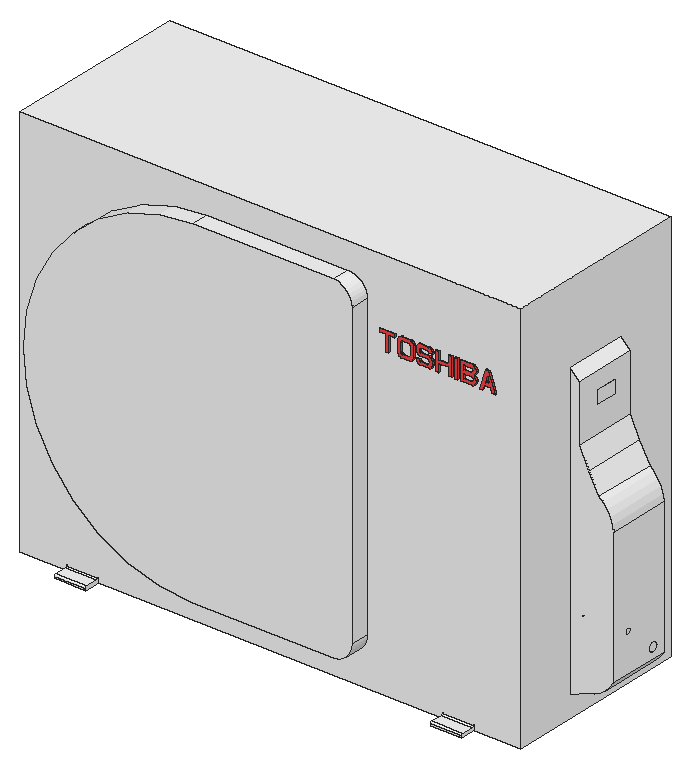
Revit family "A2W_HWT_4-6_Outdoor Unit", category Mechanical Equipment, Revit 2017
Family settings
  Round Connector Dimension = Use Diameter
  Part Type = Normal
  OmniClass Number = 23.75.00.00
  OmniClass Title = Climate Control (HVAC)
  Work Plane-Based = No
  Always vertical = Yes
  Cut with Voids When Loaded = No
  Shared = No
  Room Calculation Point = No
Parameters (values of type "HWT-401WH-E")
  Width (mm) = 800 mm
  Wholesaler Art. No. = ""
  Wholesaler = ""
  Weight (Kg) = "42"
  Watermarked By = ""
  White = Colour RGB-255 255 255
  Seasonal space heating energy efficiency (ηs) = "178%"
  Rated water flow rate -L/min = "11.5/11.6"
  Operating range - Hot Water (°C) = "-20 - 43"
  Water Piping diameter-Inlet/Outlet (mm) = "-"
  Voltage (V) = "220-240"
  URL = "https://www.toshiba-carrier.co.jp/global/"
  Top Clearance [instance] = 500 mm
  Rated Capacity kW-Cooling/Heating = "4.0 / 4.0"
  Right Side Clearance (mm) [instance] = 300 mm
  Maximum current A = "14.6"
  Stabu Code = ""
  Sound Power level (dB(A))-Cooling/Heating = "62 / 65"
  Left Side Clearance (mm) [instance] = 150 mm
  Service Area [instance] = no
  Running current-Heating (A) = "-"
  Running current-Cooling (A) = "-"
  Revit Version = ""
  Refrigerant information = "R32"
  Red = Colour RGB-255 000 000
  Product Line = "TCAE"  # constant formula
  Power consumption-Heating (Kw) = "-"
  Power consumption-Cooling (Kw) = "-"
  Rated Power Consumption kW-Cooling/Heating = "1.15/0.77"
  Operating range - Heating (°C) = "-20 - 25"
  Operating range - Cooling (°C) = "10 - 43"
  Model = "HWT-401WH-E"
  Manufacturer URL = "https://www.toshiba-carrier.co.jp/global/"
  Manufacturer Art. No. = "HWT-401WH-E"
  Manufacturer = "Toshiba"  # constant formula
  MOCP = "16"
  MEPcontent Class = "HEATPUMP"  # constant formula
  MCA = "-"
  Internal Art. No. = ""
  Hydronic Supply Diameter (mm) = 6.4 mm
  Hydronic Return Diameter (mm) = 12.7 mm
  Height (mm) = 630 mm
  GTIN = ""
  GLN = ""
  Front Clearance (mm) [instance] = 500 mm
  Frequency (Hz) = "50Hz"
  Family Version = ""
  ETIM Article Class = "EC001213"  # constant formula
  EMCS = "4"  # constant formula
  Drain piping diameter (mm) = "-"
  Description = "ESTIA R32"
  Depth (mm) = 300 mm
  Custom = no
  Copyright = "©Toshiba / HCL"  # constant formula
  Content Supplier URL = "www.hcltech.com"
  Compressor detail - Type = "Hermetic DC rotary compressor"
  Compressor detail - Motor output  (W) = "1100"
  Energy efficiency class - Low temp. = "A+++"
  Rated efficiency-EER / COP = "3.45 / 5.20"
  CB-NL Class = ""
  Base Family Version = ""
  Back up heater capacity kW = "-"
  Article Type = "HWT-401WH-E"
  Article Description = "ESTIA R32"
Reference planes
  plane 1 "Center (Front/Back)": y = 0
  plane 2: z = 280
  plane 3 "Center (Left/Right)": x = 0
  plane 4: x = -400.5
  plane 5: y = 149.5
  plane 6: y = -150.5
  plane 7: x = 399.5
  plane 8: z = 910
  plane 9: x = -300.5
  plane 10: x = 299.5
  plane 11: z = 598
Forms (mm)
  Extrusion 1, solid, material "Colour RGB-255 255 255"
    sketch origin (-5, 0, 280) x (1, 0, 0) y (0, 1, 0)
      loop
        line (-395.5, 149.5) -> (-395.5, -150.5) -> (404.5, -150.5) -> (404.5, 149.5) -> (-395.5, 149.5)
    from 0 to 630
  Extrusion 2, solid, material "Colour RGB-255 000 000", detail levels fine
    sketch origin (-573.557, -150.5, 1330.41) x (1, 0, 0) y (0, 0, 1)
      loop
        line (749.057, -526.181) -> (749.057, -531.181) -> (759.057, -531.181) -> (759.057, -556.181) -> (764.057, -556.181) -> (764.057, -531.181) -> (774.057, -531.181) -> (774.057, -526.181) -> (749.057, -526.181)
      loop
        arc (817.057, -538.368) -> (814.936, -537.49) -> (814.057, -535.368) r 3
        line (814.057, -535.368) -> (814.057, -534.181)
        arc (814.057, -534.181) -> (814.936, -532.059) -> (817.057, -531.181) r 3
        line (817.057, -531.181) -> (826.057, -531.181)
        arc (826.057, -531.181) -> (828.178, -532.059) -> (829.057, -534.181) r 3
        line (829.057, -534.181) -> (834.057, -534.181) -> (834.057, -532.181)
        arc (834.057, -532.181) -> (832.3, -527.938) -> (828.057, -526.181) r 6
        line (828.057, -526.181) -> (815.057, -526.181)
        arc (815.057, -526.181) -> (810.815, -527.938) -> (809.057, -532.181) r 6
        line (809.057, -532.181) -> (809.057, -537.368)
        arc (809.057, -537.368) -> (810.815, -541.611) -> (815.057, -543.368) r 6
        line (815.057, -543.368) -> (826.057, -543.368)
        arc (826.057, -543.368) -> (828.178, -544.247) -> (829.057, -546.368) r 3
        line (829.057, -546.368) -> (829.057, -548.181)
        arc (829.057, -548.181) -> (828.178, -550.302) -> (826.057, -551.181) r 3
        line (826.057, -551.181) -> (817.045, -551.181)
        arc (817.045, -551.181) -> (814.932, -550.306) -> (814.057, -548.193) r 2.988
        line (814.057, -548.193) -> (809.057, -548.193) -> (809.057, -550.181)
        arc (809.057, -550.181) -> (810.815, -554.423) -> (815.057, -556.181) r 6
        line (815.057, -556.181) -> (828.057, -556.181)
        arc (828.057, -556.181) -> (832.3, -554.423) -> (834.057, -550.181) r 6
        line (834.057, -550.181) -> (834.057, -544.368)
        arc (834.057, -544.368) -> (832.3, -540.126) -> (828.057, -538.368) r 6
        line (828.057, -538.368) -> (817.057, -538.368)
      loop
        line (779.057, -532.181) -> (779.057, -550.181)
        arc (779.057, -550.181) -> (780.815, -554.423) -> (785.057, -556.181) r 6
        line (785.057, -556.181) -> (798.057, -556.181)
        arc (798.057, -556.181) -> (802.3, -554.423) -> (804.057, -550.181) r 6
        line (804.057, -550.181) -> (804.057, -532.181)
        arc (804.057, -532.181) -> (802.3, -527.938) -> (798.057, -526.181) r 6
        line (798.057, -526.181) -> (785.057, -526.181)
        arc (785.057, -526.181) -> (780.815, -527.938) -> (779.057, -532.181) r 6
      loop
        line (839.682, -526.181) -> (839.682, -556.181) -> (844.682, -556.181) -> (844.682, -543.368) -> (859.682, -543.368) -> (859.682, -556.181) -> (864.682, -556.181) -> (864.682, -526.181) -> (859.682, -526.181) -> (859.682, -538.368) -> (844.682, -538.368) -> (844.682, -526.181) -> (839.682, -526.181)
      loop
        line (784.057, -534.181) -> (784.057, -548.181)
        arc (784.057, -548.181) -> (784.936, -550.302) -> (787.057, -551.181) r 3
        line (787.057, -551.181) -> (796.057, -551.181)
        arc (796.057, -551.181) -> (798.178, -550.302) -> (799.057, -548.181) r 3
        line (799.057, -548.181) -> (799.057, -534.181)
        arc (799.057, -534.181) -> (798.178, -532.059) -> (796.057, -531.181) r 3
        line (796.057, -531.181) -> (787.057, -531.181)
        arc (787.057, -531.181) -> (784.936, -532.059) -> (784.057, -534.181) r 3
      loop
        line (869.682, -526.181) -> (869.682, -556.181) -> (874.682, -556.181) -> (874.682, -526.181) -> (869.682, -526.181)
      loop
        line (879.682, -526.181) -> (879.682, -556.181) -> (896.69, -556.181)
        arc (896.69, -556.181) -> (902.224, -553.958) -> (904.682, -548.524) r 8
        arc (904.682, -548.524) -> (903.343, -544.269) -> (899.809, -541.547) r 7.431
        arc (899.809, -541.547) -> (903.356, -538.808) -> (904.682, -534.527) r 7.431
        arc (904.682, -534.527) -> (902.468, -528.648) -> (896.69, -526.181) r 8
        line (896.69, -526.181) -> (879.682, -526.181)
      loop
        line (884.682, -531.181) -> (884.682, -538.368) -> (896.115, -538.368)
        arc (896.115, -538.368) -> (899.708, -534.774) -> (896.115, -531.181) r 3.594
        line (896.115, -531.181) -> (884.682, -531.181)
      loop
        line (884.682, -543.681) -> (884.682, -551.181) -> (896.142, -551.181)
        arc (896.142, -551.181) -> (899.892, -547.431) -> (896.142, -543.681) r 3.75
        line (896.142, -543.681) -> (884.682, -543.681)
      loop
        line (919.682, -526.181) -> (909.682, -556.181) -> (914.953, -556.181) -> (917.14, -549.618) -> (927.224, -549.618) -> (929.412, -556.181) -> (934.682, -556.181) -> (924.682, -526.181) -> (919.682, -526.181)
      loop
        line (918.807, -544.618) -> (925.558, -544.618) -> (922.182, -534.492) -> (918.807, -544.618)
    from 0 to 2
  Extrusion 3, solid, material "Colour RGB-255 255 255" <- "White", detail levels medium+fine
    sketch origin (-495, -150.5, 1200) x (1, 0, 0) y (0, 0, 1)
      loop
        line (894.5, -417) -> (894.5, -886)
        arc (894.5, -886) -> (901.642, -883.783) -> (908.555, -880.931) r 82.906
        line (908.555, -880.931) -> (924.012, -873.724)
        arc (924.012, -873.724) -> (947.037, -864.535) -> (963.5, -846) r 53.822
        line (963.5, -846) -> (963.5, -631)
        arc (963.5, -631) -> (957.548, -605.946) -> (940.963, -586.246) r 55.705
        line (940.963, -586.246) -> (923.463, -555.935)
        arc (923.463, -555.935) -> (916.716, -539.572) -> (910.5, -523) r 548.348
        line (910.5, -523) -> (910.5, -433) -> (894.5, -417)
    from -199.5 to -99.5
  Extrusion 4, solid, material "Colour RGB-255 255 255" <- "White", detail levels medium+fine
    sketch origin (-400.5, 195, 1200) x (0, -1, 0) y (0, 0, 1)
      loop
        line (370.5, -920) -> (370.5, -917.5)
        arc (370.5, -917.5) -> (369.768, -915.732) -> (368, -915) r 2.5
        line (368, -915) -> (348.5, -915)
        arc (348.5, -915) -> (346.025, -913.975) -> (345, -911.5) r 3.5
        line (345, -911.5) -> (345, -904) -> (45, -904) -> (45, -910)
        arc (45, -910) -> (44.268, -911.768) -> (42.5, -912.5) r 2.5
        line (42.5, -912.5) -> (22, -912.5)
        arc (22, -912.5) -> (20.232, -913.232) -> (19.5, -915) r 2.5
        line (19.5, -915) -> (19.5, -920) -> (370.5, -920)
    from -125 to -75
  Extrusion 5, solid, material "Colour RGB-255 255 255" <- "White", detail levels fine
    sketch origin (399.5, 195, 1200) x (0, -1, 0) y (0, 0, 1)
      loop
        circle (168.066, -828) r 6.35
      loop
        circle (218.53, -783) r 3.175
    from -70.247 to 0
  Extrusion 6, solid, material "Colour RGB-255 255 255" <- "White", detail levels medium+fine
    sketch origin (399.5, 195, 1200) x (0, -1, 0) y (0, 0, 1)
      loop
        line (213.701, -458.405) -> (178.701, -458.405) -> (178.701, -478.405) -> (213.701, -478.405) -> (213.701, -458.405)
    from 0 to -18.149
  Extrusion 7, solid, material "Colour RGB-255 255 255" <- "White", detail levels medium+fine
    sketch origin (400.5, 195, 1200) x (0, -1, 0) y (0, 0, -1)
      loop
        line (370.5, 920) -> (19.5, 920) -> (19.5, 915)
        arc (19.5, 915) -> (20.232, 913.232) -> (22, 912.5) r 2.5
        line (22, 912.5) -> (42.5, 912.5)
        arc (42.5, 912.5) -> (44.268, 911.768) -> (45, 910) r 2.5
        line (45, 910) -> (45, 904) -> (345, 904) -> (345, 911.5)
        arc (345, 911.5) -> (346.025, 913.975) -> (348.5, 915) r 3.5
        line (348.5, 915) -> (368, 915)
        arc (368, 915) -> (369.768, 915.732) -> (370.5, 917.5) r 2.5
        line (370.5, 917.5) -> (370.5, 920)
    from -125 to -75
Lines and regions (mm)
  model lines, detail levels fine
    curve 1: line (-400.5, -150.5, 866) -> (-400.5, 149.5, 866)
    curve 2: line (-400.5, 149.5, 310) -> (-400.5, -150.5, 310)
    curve 3: line (399.5, -150.5, 866) -> (-400.5, -150.5, 866)
    curve 4: line (83.5, -150.5, 325.971) -> (83.5, -150.5, 866)
    curve 5: line (68.5, 149.5, 892.5) -> (174, 149.5, 892.5)
    curve 6: line (68.5, 149.5, 881.5) -> (174, 149.5, 881.5)
    curve 7: line (179, 149.5, 886.5) -> (179, 149.5, 887.5)
    curve 8: line (63.5, 149.5, 886.5) -> (63.5, 149.5, 887.5)
    curve 9: arc (174, 149.5, 892.5) -> (177.536, 149.5, 891.036) -> (179, 149.5, 887.5) r 5
    curve 10: arc (179, 149.5, 886.5) -> (177.536, 149.5, 882.964) -> (174, 149.5, 881.5) r 5
    curve 11: arc (63.5, 149.5, 887.5) -> (64.964, 149.5, 891.036) -> (68.5, 149.5, 892.5) r 5
    curve 12: arc (63.5, 149.5, 886.5) -> (64.964, 149.5, 882.964) -> (68.5, 149.5, 881.5) r 5
    curve 13: line (-70, 149.5, 892.5) -> (36.5, 149.5, 892.5)
    curve 14: line (-70, 149.5, 881.5) -> (36.5, 149.5, 881.5)
    curve 15: line (41.5, 149.5, 886.5) -> (41.5, 149.5, 887.5)
    curve 16: line (-75, 149.5, 886.5) -> (-75, 149.5, 887.5)
    curve 17: arc (36.5, 149.5, 892.5) -> (40.036, 149.5, 891.036) -> (41.5, 149.5, 887.5) r 5
    curve 18: arc (41.5, 149.5, 886.5) -> (40.036, 149.5, 882.964) -> (36.5, 149.5, 881.5) r 5
    curve 19: arc (-75, 149.5, 887.5) -> (-73.536, 149.5, 891.036) -> (-70, 149.5, 892.5) r 5
    curve 20: arc (-75, 149.5, 886.5) -> (-73.536, 149.5, 882.964) -> (-70, 149.5, 881.5) r 5
    curve 21: line (-112, 149.5, 892.5) -> (-102, 149.5, 892.5)
    curve 22: line (-112, 149.5, 881.5) -> (-102, 149.5, 881.5)
    curve 23: line (-97, 149.5, 886.5) -> (-97, 149.5, 887.5)
    curve 24: line (-117, 149.5, 886.5) -> (-117, 149.5, 887.5)
    curve 25: arc (-102, 149.5, 892.5) -> (-98.464, 149.5, 891.036) -> (-97, 149.5, 887.5) r 5
    curve 26: arc (-97, 149.5, 886.5) -> (-98.464, 149.5, 882.964) -> (-102, 149.5, 881.5) r 5
    curve 27: arc (-117, 149.5, 887.5) -> (-115.536, 149.5, 891.036) -> (-112, 149.5, 892.5) r 5
    curve 28: arc (-117, 149.5, 886.5) -> (-115.536, 149.5, 882.964) -> (-112, 149.5, 881.5) r 5
    curve 29: line (-249.25, 149.5, 892.5) -> (-143.75, 149.5, 892.5)
    curve 30: line (-249.25, 149.5, 881.5) -> (-143.75, 149.5, 881.5)
    curve 31: line (-138.75, 149.5, 886.5) -> (-138.75, 149.5, 887.5)
    curve 32: line (-254.25, 149.5, 886.5) -> (-254.25, 149.5, 887.5)
    curve 33: arc (-143.75, 149.5, 892.5) -> (-140.214, 149.5, 891.036) -> (-138.75, 149.5, 887.5) r 5
    curve 34: arc (-138.75, 149.5, 886.5) -> (-140.214, 149.5, 882.964) -> (-143.75, 149.5, 881.5) r 5
    curve 35: arc (-254.25, 149.5, 887.5) -> (-252.786, 149.5, 891.036) -> (-249.25, 149.5, 892.5) r 5
    curve 36: arc (-254.25, 149.5, 886.5) -> (-252.786, 149.5, 882.964) -> (-249.25, 149.5, 881.5) r 5
    curve 37: line (-386.75, 149.5, 892.5) -> (-281.25, 149.5, 892.5)
    curve 38: line (-386.75, 149.5, 881.5) -> (-281.25, 149.5, 881.5)
    curve 39: line (-276.25, 149.5, 886.5) -> (-276.25, 149.5, 887.5)
    curve 40: line (-391.75, 149.5, 886.5) -> (-391.75, 149.5, 887.5)
    curve 41: arc (-281.25, 149.5, 892.5) -> (-277.714, 149.5, 891.036) -> (-276.25, 149.5, 887.5) r 5
    curve 42: arc (-276.25, 149.5, 886.5) -> (-277.714, 149.5, 882.964) -> (-281.25, 149.5, 881.5) r 5
    curve 43: arc (-391.75, 149.5, 887.5) -> (-390.286, 149.5, 891.036) -> (-386.75, 149.5, 892.5) r 5
    curve 44: arc (-391.75, 149.5, 886.5) -> (-390.286, 149.5, 882.964) -> (-386.75, 149.5, 881.5) r 5
    curve 45: line (399.5, 149.5, 866) -> (-400.5, 149.5, 866)
    curve 46: line (399.5, -150.5, 866) -> (399.5, 149.5, 866)
    curve 47: line (336, 149.5, 333.5) -> (336, 149.5, 866)
    curve 48: line (369.5, -150.5, 280) -> (369.5, -150.5, 866)
    curve 49: line (399.5, 69.8, 633) -> (399.5, 71.3, 633)
    curve 50: line (399.5, 61.3, 362.5) -> (399.5, 61.3, 624.5)
    curve 51: line (399.5, 71.3, 354) -> (399.5, 69.8, 354)
    curve 52: line (399.5, 79.8, 624.5) -> (399.5, 79.8, 362.5)
    curve 53: arc (399.5, 69.8, 354) -> (399.5, 63.79, 356.49) -> (399.5, 61.3, 362.5) r 8.5
    curve 54: arc (399.5, 71.3, 354) -> (399.5, 77.31, 356.49) -> (399.5, 79.8, 362.5) r 8.5
    curve 55: arc (399.5, 71.3, 633) -> (399.5, 77.31, 630.51) -> (399.5, 79.8, 624.5) r 8.5
    curve 56: arc (399.5, 69.8, 633) -> (399.5, 63.79, 630.51) -> (399.5, 61.3, 624.5) r 8.5
    curve 57: line (-352, 149.5, 333.5) -> (341, 149.5, 333.5)
    curve 58: line (341, 149.5, 310) -> (341, 149.5, 333.5)
    curve 59: line (-352, 149.5, 866) -> (-352, 149.5, 328.5)
    curve 60: line (-400.5, 149.5, 328.5) -> (-352, 149.5, 328.5)
    curve 61: line (114.5, 149.5, 659.356) -> (12.5, 149.5, 659.356)
    curve 62: line (120.5, 149.5, 615.356) -> (120.5, 149.5, 653.356)
    curve 63: line (12.5, 149.5, 609.356) -> (114.5, 149.5, 609.356)
    curve 64: line (6.5, 149.5, 653.356) -> (6.5, 149.5, 615.356)
    curve 65: arc (114.5, 149.5, 659.356) -> (118.743, 149.5, 657.599) -> (120.5, 149.5, 653.356) r 6
    curve 66: arc (12.5, 149.5, 659.356) -> (8.257, 149.5, 657.599) -> (6.5, 149.5, 653.356) r 6
    curve 67: arc (12.5, 149.5, 609.356) -> (8.257, 149.5, 611.114) -> (6.5, 149.5, 615.356) r 6
    curve 68: arc (114.5, 149.5, 609.356) -> (118.743, 149.5, 611.114) -> (120.5, 149.5, 615.356) r 6
    curve 69: line (-347.7, 129.8, 910) -> (346.7, 129.8, 910)
    curve 70: line (-356.5, 61.6, 910) -> (-356.5, 121, 910)
    curve 71: line (346.7, 52.8, 910) -> (-347.7, 52.8, 910)
    curve 72: line (355.5, 121, 910) -> (355.5, 61.6, 910)
    curve 73: arc (-347.7, 129.8, 910) -> (-353.923, 127.223, 910) -> (-356.5, 121, 910) r 8.8
    curve 74: arc (-356.5, 61.6, 910) -> (-353.923, 55.377, 910) -> (-347.7, 52.8, 910) r 8.8
    curve 75: arc (355.5, 121, 910) -> (352.923, 127.223, 910) -> (346.7, 129.8, 910) r 8.8
    curve 76: arc (355.5, 61.6, 910) -> (352.923, 55.377, 910) -> (346.7, 52.8, 910) r 8.8
    curve 77: line (-347.7, 34.852, 910) -> (346.7, 34.852, 910)
    curve 78: line (-356.5, -27.848, 910) -> (-356.5, 26.052, 910)
    curve 79: line (346.7, -36.648, 910) -> (-347.7, -36.648, 910)
    curve 80: line (355.5, 26.052, 910) -> (355.5, -27.848, 910)
    curve 81: arc (-347.7, 34.852, 910) -> (-353.923, 32.274, 910) -> (-356.5, 26.052, 910) r 8.8
    curve 82: arc (-356.5, -27.848, 910) -> (-353.923, -34.071, 910) -> (-347.7, -36.648, 910) r 8.8
    curve 83: arc (355.5, 26.052, 910) -> (352.923, 32.274, 910) -> (346.7, 34.852, 910) r 8.8
    curve 84: arc (355.5, -27.848, 910) -> (352.923, -34.071, 910) -> (346.7, -36.648, 910) r 8.8
    curve 85: line (-347.7, -59.648, 910) -> (346.7, -59.648, 910)
    curve 86: line (-356.5, -111.7, 910) -> (-356.5, -68.448, 910)
    curve 87: line (346.7, -120.5, 910) -> (-347.7, -120.5, 910)
    curve 88: line (355.5, -68.448, 910) -> (355.5, -111.7, 910)
    curve 89: arc (-347.7, -59.648, 910) -> (-353.923, -62.226, 910) -> (-356.5, -68.448, 910) r 8.8
    curve 90: arc (-356.5, -111.7, 910) -> (-353.923, -117.923, 910) -> (-347.7, -120.5, 910) r 8.8
    curve 91: arc (355.5, -68.448, 910) -> (352.923, -62.226, 910) -> (346.7, -59.648, 910) r 8.8
    curve 92: arc (355.5, -111.7, 910) -> (352.923, -117.923, 910) -> (346.7, -120.5, 910) r 8.8
    curve 93: line (399.5, -80.2, 858) -> (399.5, -78.7, 858)
    curve 94: line (399.5, -88.7, 332.5) -> (399.5, -88.7, 849.5)
    curve 95: line (399.5, -78.7, 324) -> (399.5, -80.2, 324)
    curve 96: line (399.5, -70.2, 849.5) -> (399.5, -70.2, 332.5)
    curve 97: arc (399.5, -80.2, 324) -> (399.5, -86.21, 326.49) -> (399.5, -88.7, 332.5) r 8.5
    curve 98: arc (399.5, -78.7, 324) -> (399.5, -72.69, 326.49) -> (399.5, -70.2, 332.5) r 8.5
    curve 99: arc (399.5, -78.7, 858) -> (399.5, -72.69, 855.51) -> (399.5, -70.2, 849.5) r 8.5
    curve 100: arc (399.5, -80.2, 858) -> (399.5, -86.21, 855.51) -> (399.5, -88.7, 849.5) r 8.5
    curve 101: line (114.5, 149.5, 724.356) -> (12.5, 149.5, 724.356)
    curve 102: line (120.5, 149.5, 680.356) -> (120.5, 149.5, 718.356)
    curve 103: line (12.5, 149.5, 674.356) -> (114.5, 149.5, 674.356)
    curve 104: line (6.5, 149.5, 718.356) -> (6.5, 149.5, 680.356)
    curve 105: arc (114.5, 149.5, 724.356) -> (118.743, 149.5, 722.599) -> (120.5, 149.5, 718.356) r 6
    curve 106: arc (12.5, 149.5, 724.356) -> (8.257, 149.5, 722.599) -> (6.5, 149.5, 718.356) r 6
    curve 107: arc (12.5, 149.5, 674.356) -> (8.257, 149.5, 676.114) -> (6.5, 149.5, 680.356) r 6
    curve 108: arc (114.5, 149.5, 674.356) -> (118.743, 149.5, 676.114) -> (120.5, 149.5, 680.356) r 6
    curve 109: line (114.5, 149.5, 789.356) -> (12.5, 149.5, 789.356)
    curve 110: line (120.5, 149.5, 745.356) -> (120.5, 149.5, 783.356)
    curve 111: line (12.5, 149.5, 739.356) -> (114.5, 149.5, 739.356)
    curve 112: line (6.5, 149.5, 783.356) -> (6.5, 149.5, 745.356)
    curve 113: arc (114.5, 149.5, 789.356) -> (118.743, 149.5, 787.599) -> (120.5, 149.5, 783.356) r 6
    curve 114: arc (12.5, 149.5, 789.356) -> (8.257, 149.5, 787.599) -> (6.5, 149.5, 783.356) r 6
    curve 115: arc (12.5, 149.5, 739.356) -> (8.257, 149.5, 741.114) -> (6.5, 149.5, 745.356) r 6
    curve 116: arc (114.5, 149.5, 739.356) -> (118.743, 149.5, 741.114) -> (120.5, 149.5, 745.356) r 6
    curve 117: line (114.5, 149.5, 854.356) -> (12.5, 149.5, 854.356)
    curve 118: line (120.5, 149.5, 810.356) -> (120.5, 149.5, 848.356)
    curve 119: line (12.5, 149.5, 804.356) -> (114.5, 149.5, 804.356)
    curve 120: line (6.5, 149.5, 848.356) -> (6.5, 149.5, 810.356)
    curve 121: arc (114.5, 149.5, 854.356) -> (118.743, 149.5, 852.599) -> (120.5, 149.5, 848.356) r 6
    curve 122: arc (12.5, 149.5, 854.356) -> (8.257, 149.5, 852.599) -> (6.5, 149.5, 848.356) r 6
    curve 123: arc (12.5, 149.5, 804.356) -> (8.257, 149.5, 806.114) -> (6.5, 149.5, 810.356) r 6
    curve 124: arc (114.5, 149.5, 804.356) -> (118.743, 149.5, 806.114) -> (120.5, 149.5, 810.356) r 6
    curve 125: line (114.5, 149.5, 536.644) -> (12.5, 149.5, 536.644)
    curve 126: line (120.5, 149.5, 580.644) -> (120.5, 149.5, 542.644)
    curve 127: line (12.5, 149.5, 586.644) -> (114.5, 149.5, 586.644)
    curve 128: line (6.5, 149.5, 542.644) -> (6.5, 149.5, 580.644)
    curve 129: arc (114.5, 149.5, 536.644) -> (118.743, 149.5, 538.401) -> (120.5, 149.5, 542.644) r 6
    curve 130: arc (12.5, 149.5, 536.644) -> (8.257, 149.5, 538.401) -> (6.5, 149.5, 542.644) r 6
    curve 131: arc (12.5, 149.5, 586.644) -> (8.257, 149.5, 584.886) -> (6.5, 149.5, 580.644) r 6
    curve 132: arc (114.5, 149.5, 586.644) -> (118.743, 149.5, 584.886) -> (120.5, 149.5, 580.644) r 6
    curve 133: line (114.5, 149.5, 471.644) -> (12.5, 149.5, 471.644)
    curve 134: line (120.5, 149.5, 515.644) -> (120.5, 149.5, 477.644)
    curve 135: line (12.5, 149.5, 521.644) -> (114.5, 149.5, 521.644)
    curve 136: line (6.5, 149.5, 477.644) -> (6.5, 149.5, 515.644)
    curve 137: arc (114.5, 149.5, 471.644) -> (118.743, 149.5, 473.401) -> (120.5, 149.5, 477.644) r 6
    curve 138: arc (12.5, 149.5, 471.644) -> (8.257, 149.5, 473.401) -> (6.5, 149.5, 477.644) r 6
    curve 139: arc (12.5, 149.5, 521.644) -> (8.257, 149.5, 519.886) -> (6.5, 149.5, 515.644) r 6
    curve 140: arc (114.5, 149.5, 521.644) -> (118.743, 149.5, 519.886) -> (120.5, 149.5, 515.644) r 6
    curve 141: line (114.5, 149.5, 406.644) -> (12.5, 149.5, 406.644)
    curve 142: line (120.5, 149.5, 450.644) -> (120.5, 149.5, 412.644)
    curve 143: line (12.5, 149.5, 456.644) -> (114.5, 149.5, 456.644)
    curve 144: line (6.5, 149.5, 412.644) -> (6.5, 149.5, 450.644)
    curve 145: arc (114.5, 149.5, 406.644) -> (118.743, 149.5, 408.401) -> (120.5, 149.5, 412.644) r 6
    curve 146: arc (12.5, 149.5, 406.644) -> (8.257, 149.5, 408.401) -> (6.5, 149.5, 412.644) r 6
    curve 147: arc (12.5, 149.5, 456.644) -> (8.257, 149.5, 454.886) -> (6.5, 149.5, 450.644) r 6
    curve 148: arc (114.5, 149.5, 456.644) -> (118.743, 149.5, 454.886) -> (120.5, 149.5, 450.644) r 6
    curve 149: line (114.5, 149.5, 341.644) -> (12.5, 149.5, 341.644)
    curve 150: line (120.5, 149.5, 385.644) -> (120.5, 149.5, 347.644)
    curve 151: line (12.5, 149.5, 391.644) -> (114.5, 149.5, 391.644)
    curve 152: line (6.5, 149.5, 347.644) -> (6.5, 149.5, 385.644)
    curve 153: arc (114.5, 149.5, 341.644) -> (118.743, 149.5, 343.401) -> (120.5, 149.5, 347.644) r 6
    curve 154: arc (12.5, 149.5, 341.644) -> (8.257, 149.5, 343.401) -> (6.5, 149.5, 347.644) r 6
    curve 155: arc (12.5, 149.5, 391.644) -> (8.257, 149.5, 389.886) -> (6.5, 149.5, 385.644) r 6
    curve 156: arc (114.5, 149.5, 391.644) -> (118.743, 149.5, 389.886) -> (120.5, 149.5, 385.644) r 6
    curve 157: line (-114.5, 149.5, 659.356) -> (-12.5, 149.5, 659.356)
    curve 158: line (-120.5, 149.5, 615.356) -> (-120.5, 149.5, 653.356)
    curve 159: line (-12.5, 149.5, 609.356) -> (-114.5, 149.5, 609.356)
    curve 160: line (-6.5, 149.5, 653.356) -> (-6.5, 149.5, 615.356)
    curve 161: arc (-114.5, 149.5, 659.356) -> (-118.743, 149.5, 657.599) -> (-120.5, 149.5, 653.356) r 6
    curve 162: arc (-12.5, 149.5, 659.356) -> (-8.257, 149.5, 657.599) -> (-6.5, 149.5, 653.356) r 6
    curve 163: arc (-12.5, 149.5, 609.356) -> (-8.257, 149.5, 611.114) -> (-6.5, 149.5, 615.356) r 6
    curve 164: arc (-114.5, 149.5, 609.356) -> (-118.743, 149.5, 611.114) -> (-120.5, 149.5, 615.356) r 6
    curve 165: line (-114.5, 149.5, 724.356) -> (-12.5, 149.5, 724.356)
    curve 166: line (-120.5, 149.5, 680.356) -> (-120.5, 149.5, 718.356)
    curve 167: line (-12.5, 149.5, 674.356) -> (-114.5, 149.5, 674.356)
    curve 168: line (-6.5, 149.5, 718.356) -> (-6.5, 149.5, 680.356)
    curve 169: arc (-114.5, 149.5, 724.356) -> (-118.743, 149.5, 722.599) -> (-120.5, 149.5, 718.356) r 6
    curve 170: arc (-12.5, 149.5, 724.356) -> (-8.257, 149.5, 722.599) -> (-6.5, 149.5, 718.356) r 6
    curve 171: arc (-12.5, 149.5, 674.356) -> (-8.257, 149.5, 676.114) -> (-6.5, 149.5, 680.356) r 6
    curve 172: arc (-114.5, 149.5, 674.356) -> (-118.743, 149.5, 676.114) -> (-120.5, 149.5, 680.356) r 6
    curve 173: line (-115.5, 149.5, 789.356) -> (-12.5, 149.5, 789.356)
    curve 174: line (-121.5, 149.5, 745.356) -> (-121.5, 149.5, 783.356)
    curve 175: line (-12.5, 149.5, 739.356) -> (-115.5, 149.5, 739.356)
    curve 176: line (-6.5, 149.5, 783.356) -> (-6.5, 149.5, 745.356)
    curve 177: arc (-115.5, 149.5, 789.356) -> (-119.743, 149.5, 787.599) -> (-121.5, 149.5, 783.356) r 6
    curve 178: arc (-12.5, 149.5, 789.356) -> (-8.257, 149.5, 787.599) -> (-6.5, 149.5, 783.356) r 6
    curve 179: arc (-12.5, 149.5, 739.356) -> (-8.257, 149.5, 741.114) -> (-6.5, 149.5, 745.356) r 6
    curve 180: arc (-115.5, 149.5, 739.356) -> (-119.743, 149.5, 741.114) -> (-121.5, 149.5, 745.356) r 6
    curve 181: line (-115.5, 149.5, 854.356) -> (-12.5, 149.5, 854.356)
    curve 182: line (-121.5, 149.5, 810.356) -> (-121.5, 149.5, 848.356)
    curve 183: line (-12.5, 149.5, 804.356) -> (-115.5, 149.5, 804.356)
    curve 184: line (-6.5, 149.5, 848.356) -> (-6.5, 149.5, 810.356)
    curve 185: arc (-115.5, 149.5, 854.356) -> (-119.743, 149.5, 852.599) -> (-121.5, 149.5, 848.356) r 6
    curve 186: arc (-12.5, 149.5, 854.356) -> (-8.257, 149.5, 852.599) -> (-6.5, 149.5, 848.356) r 6
    curve 187: arc (-12.5, 149.5, 804.356) -> (-8.257, 149.5, 806.114) -> (-6.5, 149.5, 810.356) r 6
    curve 188: arc (-115.5, 149.5, 804.356) -> (-119.743, 149.5, 806.114) -> (-121.5, 149.5, 810.356) r 6
    curve 189: line (-114.5, 149.5, 536.644) -> (-12.5, 149.5, 536.644)
    curve 190: line (-120.5, 149.5, 580.644) -> (-120.5, 149.5, 542.644)
    curve 191: line (-12.5, 149.5, 586.644) -> (-114.5, 149.5, 586.644)
    curve 192: line (-6.5, 149.5, 542.644) -> (-6.5, 149.5, 580.644)
    curve 193: arc (-114.5, 149.5, 536.644) -> (-118.743, 149.5, 538.401) -> (-120.5, 149.5, 542.644) r 6
    curve 194: arc (-12.5, 149.5, 536.644) -> (-8.257, 149.5, 538.401) -> (-6.5, 149.5, 542.644) r 6
    curve 195: arc (-12.5, 149.5, 586.644) -> (-8.257, 149.5, 584.886) -> (-6.5, 149.5, 580.644) r 6
    curve 196: arc (-114.5, 149.5, 586.644) -> (-118.743, 149.5, 584.886) -> (-120.5, 149.5, 580.644) r 6
    curve 197: line (-114.5, 149.5, 471.644) -> (-12.5, 149.5, 471.644)
    curve 198: line (-120.5, 149.5, 515.644) -> (-120.5, 149.5, 477.644)
    curve 199: line (-12.5, 149.5, 521.644) -> (-114.5, 149.5, 521.644)
    curve 200: line (-6.5, 149.5, 477.644) -> (-6.5, 149.5, 515.644)
    curve 201: arc (-114.5, 149.5, 471.644) -> (-118.743, 149.5, 473.401) -> (-120.5, 149.5, 477.644) r 6
    curve 202: arc (-12.5, 149.5, 471.644) -> (-8.257, 149.5, 473.401) -> (-6.5, 149.5, 477.644) r 6
    curve 203: arc (-12.5, 149.5, 521.644) -> (-8.257, 149.5, 519.886) -> (-6.5, 149.5, 515.644) r 6
    curve 204: arc (-114.5, 149.5, 521.644) -> (-118.743, 149.5, 519.886) -> (-120.5, 149.5, 515.644) r 6
    curve 205: line (-114.5, 149.5, 406.644) -> (-12.5, 149.5, 406.644)
    curve 206: line (-120.5, 149.5, 450.644) -> (-120.5, 149.5, 412.644)
    curve 207: line (-12.5, 149.5, 456.644) -> (-114.5, 149.5, 456.644)
    curve 208: line (-6.5, 149.5, 412.644) -> (-6.5, 149.5, 450.644)
    curve 209: arc (-114.5, 149.5, 406.644) -> (-118.743, 149.5, 408.401) -> (-120.5, 149.5, 412.644) r 6
    curve 210: arc (-12.5, 149.5, 406.644) -> (-8.257, 149.5, 408.401) -> (-6.5, 149.5, 412.644) r 6
    curve 211: arc (-12.5, 149.5, 456.644) -> (-8.257, 149.5, 454.886) -> (-6.5, 149.5, 450.644) r 6
    curve 212: arc (-114.5, 149.5, 456.644) -> (-118.743, 149.5, 454.886) -> (-120.5, 149.5, 450.644) r 6
    curve 213: line (-114.5, 149.5, 341.644) -> (-12.5, 149.5, 341.644)
    curve 214: line (-120.5, 149.5, 385.644) -> (-120.5, 149.5, 347.644)
    curve 215: line (-12.5, 149.5, 391.644) -> (-114.5, 149.5, 391.644)
    curve 216: line (-6.5, 149.5, 347.644) -> (-6.5, 149.5, 385.644)
    curve 217: arc (-114.5, 149.5, 341.644) -> (-118.743, 149.5, 343.401) -> (-120.5, 149.5, 347.644) r 6
    curve 218: arc (-12.5, 149.5, 341.644) -> (-8.257, 149.5, 343.401) -> (-6.5, 149.5, 347.644) r 6
    curve 219: arc (-12.5, 149.5, 391.644) -> (-8.257, 149.5, 389.886) -> (-6.5, 149.5, 385.644) r 6
    curve 220: arc (-114.5, 149.5, 391.644) -> (-118.743, 149.5, 389.886) -> (-120.5, 149.5, 385.644) r 6
    curve 221: line (-400.5, 117.5, 858) -> (-400.5, -98.5, 858)
    curve 222: line (-400.5, 120, 835.5) -> (-400.5, 120, 855.5)
    curve 223: line (-400.5, -98.467, 833) -> (-400.5, 117.5, 833)
    curve 224: line (-400.5, -101, 855.5) -> (-400.5, -101, 835.533)
    curve 225: line (-400.5, -111, 866) -> (-400.5, -111, 310)
    curve 226: arc (-400.5, 117.5, 858) -> (-400.5, 119.268, 857.268) -> (-400.5, 120, 855.5) r 2.5
    curve 227: arc (-400.5, 117.5, 833) -> (-400.5, 119.268, 833.732) -> (-400.5, 120, 835.5) r 2.5
    curve 228: arc (-400.5, -98.5, 858) -> (-400.5, -100.268, 857.268) -> (-400.5, -101, 855.5) r 2.5
    curve 229: arc (-400.5, -101, 835.533) -> (-400.5, -100.258, 833.742) -> (-400.5, -98.467, 833) r 2.533
    curve 230: line (-400.5, 117.5, 818) -> (-400.5, -98.5, 818)
    curve 231: line (-400.5, 120, 795.5) -> (-400.5, 120, 815.5)
    curve 232: line (-400.5, -98.467, 793) -> (-400.5, 117.5, 793)
    curve 233: line (-400.5, -101, 815.5) -> (-400.5, -101, 795.533)
    curve 234: arc (-400.5, 117.5, 818) -> (-400.5, 119.268, 817.268) -> (-400.5, 120, 815.5) r 2.5
    curve 235: arc (-400.5, 117.5, 793) -> (-400.5, 119.268, 793.732) -> (-400.5, 120, 795.5) r 2.5
    curve 236: arc (-400.5, -98.5, 818) -> (-400.5, -100.268, 817.268) -> (-400.5, -101, 815.5) r 2.5
    curve 237: arc (-400.5, -101, 795.533) -> (-400.5, -100.258, 793.742) -> (-400.5, -98.467, 793) r 2.533
    curve 238: line (-400.5, 117.5, 778) -> (-400.5, -98.5, 778)
    curve 239: line (-400.5, 120, 755.5) -> (-400.5, 120, 775.5)
    curve 240: line (-400.5, -98.467, 753) -> (-400.5, 117.5, 753)
    curve 241: line (-400.5, -101, 775.5) -> (-400.5, -101, 755.533)
    curve 242: arc (-400.5, 117.5, 778) -> (-400.5, 119.268, 777.268) -> (-400.5, 120, 775.5) r 2.5
    curve 243: arc (-400.5, 117.5, 753) -> (-400.5, 119.268, 753.732) -> (-400.5, 120, 755.5) r 2.5
    curve 244: arc (-400.5, -98.5, 778) -> (-400.5, -100.268, 777.268) -> (-400.5, -101, 775.5) r 2.5
    curve 245: arc (-400.5, -101, 755.533) -> (-400.5, -100.258, 753.742) -> (-400.5, -98.467, 753) r 2.533
    curve 246: line (-400.5, 117.5, 738) -> (-400.5, -98.5, 738)
    curve 247: line (-400.5, 120, 715.5) -> (-400.5, 120, 735.5)
    curve 248: line (-400.5, -98.467, 713) -> (-400.5, 117.5, 713)
    curve 249: line (-400.5, -101, 735.5) -> (-400.5, -101, 715.533)
    curve 250: arc (-400.5, 117.5, 738) -> (-400.5, 119.268, 737.268) -> (-400.5, 120, 735.5) r 2.5
    curve 251: arc (-400.5, 117.5, 713) -> (-400.5, 119.268, 713.732) -> (-400.5, 120, 715.5) r 2.5
    curve 252: arc (-400.5, -98.5, 738) -> (-400.5, -100.268, 737.268) -> (-400.5, -101, 735.5) r 2.5
    curve 253: arc (-400.5, -101, 715.533) -> (-400.5, -100.258, 713.742) -> (-400.5, -98.467, 713) r 2.533
    curve 254: line (-400.5, 117.5, 698) -> (-400.5, -98.5, 698)
    curve 255: line (-400.5, 120, 675.5) -> (-400.5, 120, 695.5)
    curve 256: line (-400.5, -98.467, 673) -> (-400.5, 117.5, 673)
    curve 257: line (-400.5, -101, 695.5) -> (-400.5, -101, 675.533)
    curve 258: arc (-400.5, 117.5, 698) -> (-400.5, 119.268, 697.268) -> (-400.5, 120, 695.5) r 2.5
    curve 259: arc (-400.5, 117.5, 673) -> (-400.5, 119.268, 673.732) -> (-400.5, 120, 675.5) r 2.5
    curve 260: arc (-400.5, -98.5, 698) -> (-400.5, -100.268, 697.268) -> (-400.5, -101, 695.5) r 2.5
    curve 261: arc (-400.5, -101, 675.533) -> (-400.5, -100.258, 673.742) -> (-400.5, -98.467, 673) r 2.533
    curve 262: line (-400.5, 117.5, 658) -> (-400.5, -98.5, 658)
    curve 263: line (-400.5, 120, 635.5) -> (-400.5, 120, 655.5)
    curve 264: line (-400.5, -98.467, 633) -> (-400.5, 117.5, 633)
    curve 265: line (-400.5, -101, 655.5) -> (-400.5, -101, 635.533)
    curve 266: arc (-400.5, 117.5, 658) -> (-400.5, 119.268, 657.268) -> (-400.5, 120, 655.5) r 2.5
    curve 267: arc (-400.5, 117.5, 633) -> (-400.5, 119.268, 633.732) -> (-400.5, 120, 635.5) r 2.5
    curve 268: arc (-400.5, -98.5, 658) -> (-400.5, -100.268, 657.268) -> (-400.5, -101, 655.5) r 2.5
    curve 269: arc (-400.5, -101, 635.533) -> (-400.5, -100.258, 633.742) -> (-400.5, -98.467, 633) r 2.533
    curve 270: line (-400.5, 117.5, 623) -> (-400.5, -98.5, 623)
    curve 271: line (-400.5, 120, 600.5) -> (-400.5, 120, 620.5)
    curve 272: line (-400.5, -98.467, 598) -> (-400.5, 117.5, 598)
    curve 273: line (-400.5, -101, 620.5) -> (-400.5, -101, 600.533)
    curve 274: arc (-400.5, 117.5, 623) -> (-400.5, 119.268, 622.268) -> (-400.5, 120, 620.5) r 2.5
    curve 275: arc (-400.5, 117.5, 598) -> (-400.5, 119.268, 598.732) -> (-400.5, 120, 600.5) r 2.5
    curve 276: arc (-400.5, -98.5, 623) -> (-400.5, -100.268, 622.268) -> (-400.5, -101, 620.5) r 2.5
    curve 277: arc (-400.5, -101, 600.533) -> (-400.5, -100.258, 598.742) -> (-400.5, -98.467, 598) r 2.533
    curve 278: line (-400.5, 117.5, 583) -> (-400.5, -98.5, 583)
    curve 279: line (-400.5, 120, 560.5) -> (-400.5, 120, 580.5)
    curve 280: line (-400.5, -98.467, 558) -> (-400.5, 117.5, 558)
    curve 281: line (-400.5, -101, 580.5) -> (-400.5, -101, 560.533)
    curve 282: arc (-400.5, 117.5, 583) -> (-400.5, 119.268, 582.268) -> (-400.5, 120, 580.5) r 2.5
    curve 283: arc (-400.5, 117.5, 558) -> (-400.5, 119.268, 558.732) -> (-400.5, 120, 560.5) r 2.5
    curve 284: arc (-400.5, -98.5, 583) -> (-400.5, -100.268, 582.268) -> (-400.5, -101, 580.5) r 2.5
    curve 285: arc (-400.5, -101, 560.533) -> (-400.5, -100.258, 558.742) -> (-400.5, -98.467, 558) r 2.533
    curve 286: line (-400.5, 117.5, 538) -> (-400.5, -98.5, 538)
    curve 287: line (-400.5, 120, 515.5) -> (-400.5, 120, 535.5)
    curve 288: line (-400.5, -98.467, 513) -> (-400.5, 117.5, 513)
    curve 289: line (-400.5, -101, 535.5) -> (-400.5, -101, 515.533)
    curve 290: arc (-400.5, 117.5, 538) -> (-400.5, 119.268, 537.268) -> (-400.5, 120, 535.5) r 2.5
    curve 291: arc (-400.5, 117.5, 513) -> (-400.5, 119.268, 513.732) -> (-400.5, 120, 515.5) r 2.5
    curve 292: arc (-400.5, -98.5, 538) -> (-400.5, -100.268, 537.268) -> (-400.5, -101, 535.5) r 2.5
    curve 293: arc (-400.5, -101, 515.533) -> (-400.5, -100.258, 513.742) -> (-400.5, -98.467, 513) r 2.533
    curve 294: line (-400.5, 117.5, 498) -> (-400.5, -98.5, 498)
    curve 295: line (-400.5, 120, 475.5) -> (-400.5, 120, 495.5)
    curve 296: line (-400.5, -98.467, 473) -> (-400.5, 117.5, 473)
    curve 297: line (-400.5, -101, 495.5) -> (-400.5, -101, 475.533)
    curve 298: arc (-400.5, 117.5, 498) -> (-400.5, 119.268, 497.268) -> (-400.5, 120, 495.5) r 2.5
    curve 299: arc (-400.5, 117.5, 473) -> (-400.5, 119.268, 473.732) -> (-400.5, 120, 475.5) r 2.5
    curve 300: arc (-400.5, -98.5, 498) -> (-400.5, -100.268, 497.268) -> (-400.5, -101, 495.5) r 2.5
    curve 301: arc (-400.5, -101, 475.533) -> (-400.5, -100.258, 473.742) -> (-400.5, -98.467, 473) r 2.533
    curve 302: line (-400.5, 117.5, 458) -> (-400.5, -98.5, 458)
    curve 303: line (-400.5, 120, 435.5) -> (-400.5, 120, 455.5)
    curve 304: line (-400.5, -98.467, 433) -> (-400.5, 117.5, 433)
    curve 305: line (-400.5, -101, 455.5) -> (-400.5, -101, 435.533)
    curve 306: arc (-400.5, 117.5, 458) -> (-400.5, 119.268, 457.268) -> (-400.5, 120, 455.5) r 2.5
    curve 307: arc (-400.5, 117.5, 433) -> (-400.5, 119.268, 433.732) -> (-400.5, 120, 435.5) r 2.5
    curve 308: arc (-400.5, -98.5, 458) -> (-400.5, -100.268, 457.268) -> (-400.5, -101, 455.5) r 2.5
    curve 309: arc (-400.5, -101, 435.533) -> (-400.5, -100.258, 433.742) -> (-400.5, -98.467, 433) r 2.533
    curve 310: line (-400.5, 117.5, 418) -> (-400.5, -98.5, 418)
    curve 311: line (-400.5, 120, 395.5) -> (-400.5, 120, 415.5)
    curve 312: line (-400.5, -98.467, 393) -> (-400.5, 117.5, 393)
    curve 313: line (-400.5, -101, 415.5) -> (-400.5, -101, 395.533)
    curve 314: arc (-400.5, 117.5, 418) -> (-400.5, 119.268, 417.268) -> (-400.5, 120, 415.5) r 2.5
    curve 315: arc (-400.5, 117.5, 393) -> (-400.5, 119.268, 393.732) -> (-400.5, 120, 395.5) r 2.5
    curve 316: arc (-400.5, -98.5, 418) -> (-400.5, -100.268, 417.268) -> (-400.5, -101, 415.5) r 2.5
    curve 317: arc (-400.5, -101, 395.533) -> (-400.5, -100.258, 393.742) -> (-400.5, -98.467, 393) r 2.533
    curve 318: line (-400.5, 117.5, 383) -> (-400.5, -98.5, 383)
    curve 319: line (-400.5, 120, 360.5) -> (-400.5, 120, 380.5)
    curve 320: line (-400.5, -98.467, 358) -> (-400.5, 117.5, 358)
    curve 321: line (-400.5, -101, 380.5) -> (-400.5, -101, 360.533)
    curve 322: arc (-400.5, 117.5, 383) -> (-400.5, 119.268, 382.268) -> (-400.5, 120, 380.5) r 2.5
    curve 323: arc (-400.5, 117.5, 358) -> (-400.5, 119.268, 358.732) -> (-400.5, 120, 360.5) r 2.5
    curve 324: arc (-400.5, -98.5, 383) -> (-400.5, -100.268, 382.268) -> (-400.5, -101, 380.5) r 2.5
    curve 325: arc (-400.5, -101, 360.533) -> (-400.5, -100.258, 358.742) -> (-400.5, -98.467, 358) r 2.533
    curve 326: line (-400.5, 117.5, 343) -> (-400.5, -98.5, 343)
    curve 327: line (-400.5, 120, 320.5) -> (-400.5, 120, 340.5)
    curve 328: line (-400.5, -98.467, 318) -> (-400.5, 117.5, 318)
    curve 329: line (-400.5, -101, 340.5) -> (-400.5, -101, 320.533)
    curve 330: arc (-400.5, 117.5, 343) -> (-400.5, 119.268, 342.268) -> (-400.5, 120, 340.5) r 2.5
    curve 331: arc (-400.5, 117.5, 318) -> (-400.5, 119.268, 318.732) -> (-400.5, 120, 320.5) r 2.5
    curve 332: arc (-400.5, -98.5, 343) -> (-400.5, -100.268, 342.268) -> (-400.5, -101, 340.5) r 2.5
    curve 333: arc (-400.5, -101, 320.533) -> (-400.5, -100.258, 318.742) -> (-400.5, -98.467, 318) r 2.533
    curve 334: line (-400.5, -125.2, 858) -> (-400.5, -129.875, 858)
    curve 335: line (-400.5, -122.798, 320.361) -> (-400.5, -122.798, 855.598)
    curve 336: line (-400.5, -129.956, 318) -> (-400.5, -125.158, 318)
    curve 337: line (-400.5, -132.311, 855.564) -> (-400.5, -132.311, 320.355)
    curve 338: arc (-400.5, -122.798, 855.598) -> (-400.5, -123.501, 857.296) -> (-400.5, -125.2, 858) r 2.402
    curve 339: arc (-400.5, -129.875, 858) -> (-400.5, -131.597, 857.286) -> (-400.5, -132.311, 855.564) r 2.436
    curve 340: arc (-400.5, -125.158, 318) -> (-400.5, -123.489, 318.691) -> (-400.5, -122.798, 320.361) r 2.361
    curve 341: arc (-400.5, -132.311, 320.355) -> (-400.5, -131.621, 318.69) -> (-400.5, -129.956, 318) r 2.355
Dimensions and locks
  "Depth (mm)": plane 6 to plane 5
  "Width (mm)": plane 4 to plane 7
  "Height (mm)": plane 8 to level
  locked: Extrusion 4 sketch curve to Extrusion 4 sketch curve at 351
  locked: Extrusion 4 sketch curve to Extrusion 4 sketch curve at 300
  equal spacing: Extrusion 4 sketch curve, plane 1 "Center (Front/Back)", Extrusion 4 sketch curve  (x2)
  plane 4 to plane 9 = 100 mm
  plane 10 to plane 9 = 600 mm
  plane 7 to Extrusion 3 = 69 mm
  locked: Extrusion 7 sketch curve to Extrusion 7 sketch curve at 351
  locked: Extrusion 7 sketch curve to Extrusion 7 sketch curve at 300
  Extrusion 7 sketch curve to Extrusion 7 sketch curve = 300 mm
  Extrusion 7 sketch curve to Extrusion 7 sketch curve = 351 mm
  plane 10 to plane 7 = 100 mm
  plane 11 to level = 318 mm
  Extrusion 5 to level = 92 mm
  Extrusion 5 to level = 137 mm
  aligned and locked: level to plane 2
  aligned and locked: Extrusion 1 to plane 5
  aligned and locked: plane 6 to Extrusion 1
  aligned and locked: plane 4 to Extrusion 1
  aligned and locked: Extrusion 1 to plane 7
  aligned and locked: Extrusion 1 to plane 8
  aligned and locked: plane 7 to Extrusion 3 sketch curve
  aligned and locked: Extrusion 1 to level
Automatic sketch dimensions
  Extrusion 1 sketch curve to plane 4 = 0 mm
  plane 6 to Extrusion 1 sketch curve = 0 mm
  Extrusion 1 sketch curve to plane 7 = 0 mm
  plane 5 to Extrusion 1 sketch curve = 0 mm
  curve 1 to plane 5 = 0 mm
  curve 2 to plane 5 = 0 mm
  curve 1 to plane 6 = 0 mm
  curve 2 to plane 6 = 0 mm
  plane 5 to curve 319 = 29.5 mm
  plane 5 to curve 222 = 29.5 mm
  plane 5 to curve 271 = 29.5 mm
  plane 5 to curve 279 = 29.5 mm
  plane 5 to curve 263 = 29.5 mm
  plane 5 to curve 231 = 29.5 mm
  plane 5 to curve 255 = 29.5 mm
  plane 5 to curve 311 = 29.5 mm
  curve 303 to curve 311 = 0 mm
  plane 5 to curve 295 = 29.5 mm
  plane 5 to curve 247 = 29.5 mm
  curve 239 to curve 247 = 0 mm
  curve 287 to curve 279 = 0 mm
  curve 327 to curve 319 = 0 mm
  curve 239 to curve 243 = 2.5 mm
  curve 303 to curve 304 = 2.5 mm
  curve 239 to curve 242 = 2.5 mm
  curve 287 to curve 286 = 2.5 mm
  curve 327 to curve 326 = 2.5 mm
  curve 247 to curve 246 = 2.5 mm
  curve 303 to curve 306 = 2.5 mm
  curve 287 to curve 288 = 2.5 mm
  curve 247 to curve 248 = 2.5 mm
  curve 311 to curve 315 = 2.5 mm
  curve 327 to curve 328 = 2.5 mm
  curve 231 to curve 235 = 2.5 mm
  curve 231 to curve 234 = 2.5 mm
  curve 279 to curve 283 = 2.5 mm
  curve 255 to curve 254 = 2.5 mm
  curve 255 to curve 256 = 2.5 mm
  curve 279 to curve 282 = 2.5 mm
  curve 319 to curve 323 = 2.5 mm
  curve 263 to curve 262 = 2.5 mm
  curve 222 to curve 227 = 2.5 mm
  curve 263 to curve 264 = 2.5 mm
  curve 295 to curve 296 = 2.5 mm
  curve 319 to curve 322 = 2.5 mm
  curve 222 to curve 226 = 2.5 mm
  curve 311 to curve 314 = 2.5 mm
  curve 271 to curve 270 = 2.5 mm
  curve 271 to curve 272 = 2.5 mm
  curve 295 to curve 294 = 2.5 mm
  curve 277 to plane 6 = 52.033 mm
  curve 320 to plane 6 = 52.033 mm
  curve 269 to curve 277 = 0 mm
  curve 280 to curve 272 = 0 mm
  curve 261 to curve 269 = 0 mm
  curve 317 to curve 325 = 0 mm
  curve 296 to plane 6 = 52.033 mm
  curve 253 to curve 261 = 0 mm
  curve 245 to curve 253 = 0 mm
  curve 304 to curve 317 = 0 mm
  curve 288 to curve 301 = 0 mm
  curve 328 to curve 320 = 0 mm
  curve 237 to curve 245 = 0 mm
  curve 229 to curve 237 = 0 mm
  curve 293 to curve 292 = 0.033 mm
  curve 304 to curve 316 = 0.033 mm
  curve 288 to curve 294 = 0.033 mm
  curve 272 to curve 284 = 0.033 mm
  curve 312 to curve 318 = 0.033 mm
  curve 264 to curve 276 = 0.033 mm
  curve 256 to curve 268 = 0.033 mm
  curve 248 to curve 260 = 0.033 mm
  curve 296 to curve 302 = 0.033 mm
  curve 240 to curve 252 = 0.033 mm
  curve 320 to curve 326 = 0.033 mm
  curve 232 to curve 244 = 0.033 mm
  curve 223 to curve 236 = 0.033 mm
  curve 229 to curve 228 = 0.033 mm
  curve 309 to curve 305 = 2.533 mm
  curve 301 to curve 297 = 2.533 mm
  curve 316 to curve 313 = 2.5 mm
  curve 293 to curve 289 = 2.533 mm
  curve 284 to curve 281 = 2.5 mm
  curve 277 to curve 273 = 2.533 mm
  curve 324 to curve 321 = 2.5 mm
  curve 269 to curve 265 = 2.533 mm
  curve 261 to curve 257 = 2.533 mm
  curve 253 to curve 249 = 2.533 mm
  curve 245 to curve 241 = 2.533 mm
  curve 332 to curve 329 = 2.5 mm
  curve 237 to curve 233 = 2.533 mm
  curve 229 to curve 224 = 2.533 mm
  curve 329 to curve 335 = 21.798 mm
  curve 335 to curve 336 = 2.361 mm
  curve 335 to curve 338 = 2.402 mm
  curve 338 to curve 339 = 4.674 mm
  curve 340 to curve 341 = 4.798 mm
  curve 341 to curve 337 = 2.355 mm
  level to curve 328 = 38 mm
  curve 336 to curve 329 = 2.533 mm
  curve 331 to curve 330 = 20 mm
  curve 326 to curve 320 = 15 mm
  curve 323 to curve 322 = 20 mm
  curve 318 to curve 312 = 10 mm
  curve 317 to curve 316 = 19.967 mm
  curve 310 to curve 304 = 15 mm
  curve 307 to curve 306 = 20 mm
  curve 302 to curve 296 = 15 mm
  curve 295 to curve 295 = 20 mm
  curve 300 to curve 288 = 15 mm
  curve 291 to curve 290 = 20 mm
  curve 286 to curve 280 = 20 mm
  curve 283 to curve 282 = 20 mm
  curve 278 to curve 272 = 15 mm
  curve 275 to curve 274 = 20 mm
  curve 270 to curve 264 = 10 mm
  curve 267 to curve 266 = 20 mm
  curve 262 to curve 256 = 15 mm
  curve 259 to curve 258 = 20 mm
  curve 254 to curve 248 = 15 mm
  curve 251 to curve 250 = 20 mm
  curve 246 to curve 240 = 15 mm
  curve 243 to curve 242 = 20 mm
  curve 238 to curve 232 = 15 mm
  curve 233 to curve 233 = 19.967 mm
  curve 230 to curve 223 = 15 mm
  curve 229 to curve 228 = 19.967 mm
  curve 224 to curve 337 = 0.064 mm
  curve 329 to curve 225 = 10 mm
  curve 225 to curve 329 = 10.533 mm
  curve 224 to curve 225 = 10.5 mm
  plane 4 to curve 3 = 0 mm
  curve 48 to level = 0 mm
  plane 7 to curve 3 = 0 mm
  plane 3 "Center (Left/Right)" to curve 4 = 83.5 mm
  plane 7 to curve 48 = 30 mm
  level to curve 4 = 45.971 mm
  plane 8 to curve 4 = 44 mm
  plane 4 to curve 60 = 0 mm
  plane 4 to curve 45 = 0 mm
  plane 7 to curve 45 = 0 mm
  curve 40 to plane 4 = 8.75 mm
  curve 40 to curve 44 = 5 mm
  curve 43 to curve 44 = 0 mm
  curve 59 to plane 4 = 48.5 mm
  plane 9 to curve 41 = 19.25 mm
  curve 41 to curve 38 = 0 mm
  curve 42 to curve 39 = 5 mm
  curve 39 to curve 32 = 22 mm
  curve 32 to curve 36 = 5 mm
  curve 35 to curve 36 = 0 mm
  plane 8 to curve 30 = 28.5 mm
  curve 30 to curve 30 = 105.5 mm
  curve 33 to curve 34 = 0 mm
  curve 33 to curve 31 = 5 mm
  curve 30 to curve 174 = 22.25 mm
  curve 182 to curve 177 = 0 mm
  curve 214 to plane 3 "Center (Left/Right)" = 120.5 mm
  curve 190 to plane 3 "Center (Left/Right)" = 120.5 mm
  curve 158 to curve 190 = 0 mm
  curve 166 to curve 158 = 0 mm
  curve 190 to curve 198 = 0 mm
  curve 198 to curve 206 = 0 mm
  curve 31 to curve 24 = 21.75 mm
  curve 182 to curve 185 = 6 mm
  curve 182 to curve 188 = 6 mm
  curve 177 to curve 173 = 6 mm
  curve 174 to curve 180 = 6 mm
  curve 166 to curve 165 = 6 mm
  curve 206 to curve 212 = 6 mm
  curve 158 to curve 164 = 6 mm
  curve 166 to curve 167 = 6 mm
  curve 158 to curve 161 = 6 mm
  curve 206 to curve 209 = 6 mm
  curve 190 to curve 189 = 6 mm
  curve 214 to curve 217 = 6 mm
  curve 214 to curve 220 = 6 mm
  curve 198 to curve 197 = 6 mm
  curve 198 to curve 199 = 6 mm
  curve 190 to curve 191 = 6 mm
  curve 24 to curve 22 = 5 mm
  curve 27 to curve 28 = 0 mm
  curve 22 to curve 22 = 10 mm
  curve 25 to curve 26 = 0 mm
  curve 26 to curve 23 = 5 mm
  curve 23 to curve 16 = 22 mm
  curve 16 to curve 14 = 5 mm
  curve 13 to curve 20 = 0 mm
  curve 203 to plane 3 "Center (Left/Right)" = 12.5 mm
  curve 157 to plane 3 "Center (Left/Right)" = 12.5 mm
  curve 197 to plane 3 "Center (Left/Right)" = 12.5 mm
  curve 218 to plane 3 "Center (Left/Right)" = 12.5 mm
  curve 171 to plane 3 "Center (Left/Right)" = 12.5 mm
  curve 159 to plane 3 "Center (Left/Right)" = 12.5 mm
  curve 170 to plane 3 "Center (Left/Right)" = 12.5 mm
  curve 181 to plane 3 "Center (Left/Right)" = 12.5 mm
  curve 211 to plane 3 "Center (Left/Right)" = 12.5 mm
  curve 179 to plane 3 "Center (Left/Right)" = 12.5 mm
  curve 195 to plane 3 "Center (Left/Right)" = 12.5 mm
  curve 205 to plane 3 "Center (Left/Right)" = 12.5 mm
  curve 194 to plane 3 "Center (Left/Right)" = 12.5 mm
  curve 178 to plane 3 "Center (Left/Right)" = 12.5 mm
  curve 215 to plane 3 "Center (Left/Right)" = 12.5 mm
  curve 187 to plane 3 "Center (Left/Right)" = 12.5 mm
  curve 218 to curve 216 = 6 mm
  curve 179 to curve 176 = 6 mm
  curve 203 to curve 200 = 6 mm
  curve 210 to curve 208 = 6 mm
  curve 194 to curve 192 = 6 mm
  curve 170 to curve 168 = 6 mm
  curve 187 to curve 184 = 6 mm
  curve 163 to curve 160 = 6 mm
  plane 3 "Center (Left/Right)" to curve 144 = 6.5 mm
  plane 3 "Center (Left/Right)" to curve 120 = 6.5 mm
  plane 3 "Center (Left/Right)" to curve 64 = 6.5 mm
  plane 3 "Center (Left/Right)" to curve 112 = 6.5 mm
  plane 3 "Center (Left/Right)" to curve 136 = 6.5 mm
  plane 3 "Center (Left/Right)" to curve 128 = 6.5 mm
  plane 3 "Center (Left/Right)" to curve 152 = 6.5 mm
  plane 3 "Center (Left/Right)" to curve 104 = 6.5 mm
  curve 152 to curve 155 = 6 mm
  curve 152 to curve 154 = 6 mm
  curve 144 to curve 147 = 6 mm
  curve 144 to curve 146 = 6 mm
  curve 64 to curve 61 = 6 mm
  curve 136 to curve 139 = 6 mm
  curve 136 to curve 138 = 6 mm
  curve 67 to curve 63 = 6 mm
  curve 128 to curve 131 = 6 mm
  curve 128 to curve 130 = 6 mm
  curve 120 to curve 123 = 6 mm
  curve 120 to curve 122 = 6 mm
  curve 112 to curve 115 = 6 mm
  curve 112 to curve 114 = 6 mm
  curve 104 to curve 101 = 6 mm
  curve 104 to curve 107 = 6 mm
  plane 3 "Center (Left/Right)" to curve 17 = 36.5 mm
  curve 17 to curve 18 = 0 mm
  curve 17 to curve 15 = 5 mm
  curve 15 to curve 8 = 22 mm
  curve 8 to curve 11 = 5 mm
  curve 11 to curve 6 = 0 mm
  curve 109 to curve 109 = 102 mm
  curve 139 to curve 140 = 102 mm
  curve 140 to curve 137 = 0 mm
  curve 133 to curve 156 = 0 mm
  curve 156 to curve 153 = 0 mm
  curve 132 to curve 135 = 0 mm
  curve 129 to curve 135 = 0 mm
  curve 133 to curve 148 = 0 mm
  curve 124 to curve 109 = 0 mm
  curve 121 to curve 124 = 0 mm
  curve 145 to curve 151 = 0 mm
  curve 61 to curve 127 = 0 mm
  curve 113 to curve 116 = 0 mm
  curve 63 to curve 127 = 0 mm
  curve 108 to curve 65 = 0 mm
  curve 111 to curve 105 = 0 mm
  curve 108 to curve 102 = 6 mm
  curve 116 to curve 110 = 6 mm
  curve 65 to curve 62 = 6 mm
  curve 148 to curve 142 = 6 mm
  curve 124 to curve 118 = 6 mm
  curve 132 to curve 126 = 6 mm
  curve 156 to curve 150 = 6 mm
  curve 140 to curve 134 = 6 mm
  curve 118 to curve 5 = 53.5 mm
  curve 9 to curve 6 = 0 mm
  curve 10 to curve 7 = 5 mm
  plane 7 to curve 58 = 58.5 mm
  curve 181 to curve 30 = 27.144 mm
  plane 8 to curve 117 = 55.644 mm
  curve 184 to curve 184 = 38 mm
  curve 124 to curve 121 = 38 mm
  curve 173 to curve 188 = 15 mm
  curve 109 to curve 119 = 15 mm
  curve 179 to curve 178 = 38 mm
  curve 115 to curve 176 = 0 mm
  curve 165 to curve 180 = 15 mm
  curve 101 to curve 111 = 15 mm
  curve 102 to curve 102 = 38 mm
  curve 166 to curve 166 = 38 mm
  curve 61 to curve 107 = 15 mm
  curve 157 to curve 167 = 15 mm
  curve 163 to curve 162 = 38 mm
  curve 62 to curve 62 = 38 mm
  curve 127 to curve 68 = 22.713 mm
  curve 191 to curve 159 = 22.713 mm
  curve 193 to curve 196 = 38 mm
  curve 130 to curve 192 = 0 mm
  curve 199 to curve 189 = 15 mm
  curve 135 to curve 125 = 15 mm
  curve 198 to curve 198 = 38 mm
  curve 137 to curve 140 = 38 mm
  curve 143 to curve 133 = 15 mm
  curve 207 to curve 197 = 15 mm
  curve 142 to curve 142 = 38 mm
  curve 210 to curve 144 = 0 mm
  curve 151 to curve 141 = 15 mm
  curve 215 to curve 205 = 15 mm
  curve 218 to curve 219 = 38 mm
  curve 150 to curve 150 = 38 mm
  level to curve 58 = 53.5 mm
  curve 60 to curve 57 = 5 mm
  plane 8 to curve 22 = 28.5 mm
  curve 38 to curve 36 = 5 mm
  plane 8 to curve 6 = 28.5 mm
  curve 14 to curve 23 = 5 mm
  curve 15 to curve 15 = 1 mm
  curve 26 to curve 25 = 1 mm
  curve 7 to curve 7 = 1 mm
  curve 40 to curve 40 = 1 mm
  curve 31 to curve 31 = 1 mm
  curve 47 to curve 45 = 63.5 mm
  curve 45 to curve 38 = 15.5 mm
  curve 58 to curve 57 = 23.5 mm
  curve 46 to plane 5 = 0 mm
  curve 46 to plane 6 = 0 mm
  plane 5 to curve 52 = 69.7 mm
  curve 52 to curve 51 = 8.5 mm
  curve 52 to curve 49 = 8.5 mm
  curve 49 to curve 49 = 1.5 mm
  curve 51 to curve 51 = 1.5 mm
  curve 53 to curve 50 = 8.5 mm
  plane 1 "Center (Front/Back)" to curve 96 = 70.2 mm
  curve 96 to curve 95 = 8.5 mm
  curve 96 to curve 93 = 8.5 mm
  curve 98 to curve 97 = 1.5 mm
  curve 99 to curve 100 = 1.5 mm
  curve 100 to curve 94 = 8.5 mm
  level to curve 95 = 44 mm
  level to curve 51 = 74 mm
  curve 50 to curve 50 = 262 mm
  plane 8 to curve 96 = 60.5 mm
  plane 8 to curve 46 = 44 mm
  plane 5 to curve 69 = 19.7 mm
  curve 69 to curve 70 = 8.8 mm
  curve 69 to curve 72 = 8.8 mm
  curve 72 to curve 72 = 59.4 mm
